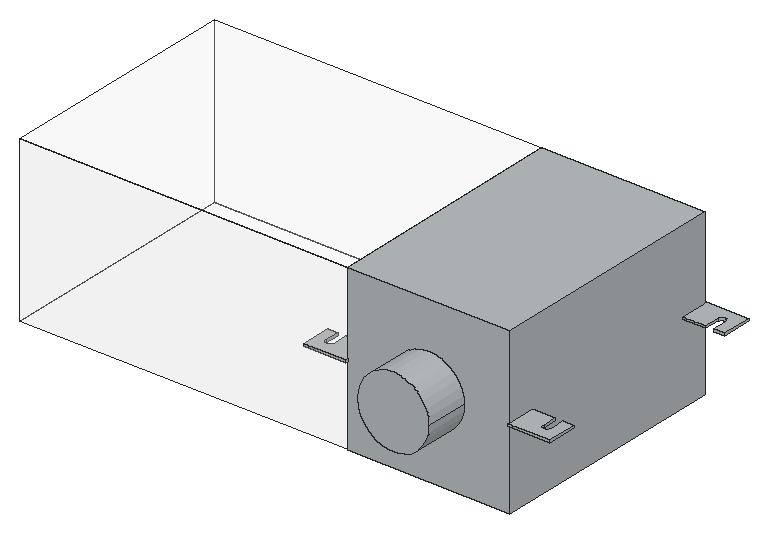
Revit family "bfs-20_60sldc2_60Hz", category 機械設備, Revit 2019
Family settings
  丸型コネクタ寸法 = 直径を使用
  パーツ タイプ = 割り込み
  OmniClass 番号 = 23.75.35.17.27
  OmniClass タイトル = Centrifugal Fans
  作業面ベース = いいえ
  常に垂直 = はい
  ロード時にボイドで切り取り = いいえ
  共有 = いいえ
  部屋計算ポイント = はい
Parameters (values of type "BFS-20SLDC2")
  騒音レベル(dB(A))_吸込 = 30.5
  騒音レベル(dB(A))_吐出 = 38
  騒音レベル(dB(A))_側面 = 22
  騒音レベル(dB(A)) = 38
  風量 [instance] = 設計風量  # 0.0 m³/h
  電源種別 [instance] = "一般"
  電圧 = 100 V
  電動機出力 = 15 W
  電動機_種別 [instance] = ""
  運転質量 = 0.00 kg
  連動 [instance] = ""
  質量 = if(製品質量 > 運転質量, 製品質量, 運転質量) * 1.2  # 7.20 kg
  負荷分類 = 3_ファン類
  説明 = "ストレートシロッコファン（２４時間換気機能付）"
  設計風量 [instance] = 0.0 m³/h
  設置方法 = "天吊"
  記号 [instance] = ""
  製造元 = "三菱電機株式会社"
  製品質量 = 6.00 kg
  製品出荷対象 = "国内"
  製品リリース年月 = "2022年6月1日"
  製品グループ = ""
  系統 [instance] = ""
  符号 [instance] = if(☑給気／□排気, "FS", "FE")  # "FE"
  積算_科目 = "2 換気設備"
  積算_拾い区分 [instance] = ""
  相 = 1
  盤記号 [instance] = ""
  盤工事区分 = "電気工事"
  発停方法 [instance] = "別売スイッチ"
  番手 = "#1"
  特殊仕様 [instance] = ""
  火災停止 = ""
  消費電力 = 17 W
  法定耐用年数 = "15"
  機外静圧 [instance] = 0.0 Pa
  極数 = 2
  極 = 8
  材質 [instance] = ""
  本体マテリアル = 溶融亜鉛めっき鋼板
  操作・制御方式 = ""
  操作・制御スイッチ = ""
  排気量 [instance] = if(☑給気／□排気, 0.0 m³/h, 設計風量)  # 0.0 m³/h
  形式 = ""
  形名 = BFS-SLDC : BFS-20SLDC
  幹線記号 [instance] = ""
  対象室 [instance] = ""
  実風量 = 0.0 m³/h
  始動方式 [instance] = "直入"
  外気量 [instance] = if(☑給気／□排気, 設計風量, 0.0 m³/h)  # 0.0 m³/h
  呼称 = "消音ボックス付送風機"
  周波数 = 60 Hz
  天吊金具ピッチ幅 = 299 mm
  天吊金具ピッチ奥行 = 300 mm
  参照している仕様書等のバージョン = ""
  分類コード = "50052502100020"
  分類グループ = ""
  価格 = 81000
  企業コード = "108420"
  付属品_防振装置 = ""
  付属品 [instance] = ""
  仕様書バージョン = "Version1.0"
  モデル = "BFS-20SLDC2"
  ファンの種類 = "多翼形"
  ダクト径 = 100 mm
  サービススペース = yes
  コメント [instance] = ""
  Keynote = ""
  ☑給気／□排気 [instance] = no
  Width = 223 mm
  Version = ""
  Uniclass2015Version = "Systems v1.9"
  Uniclass2015Title = "Centrifugal fans"
  Uniclass2015Code = "Pr_65_67_29_12"
  URL = "https://www.mitsubishielectric.co.jp/ldg/wink/ssl/displayProduct.do?pid=319033"
  SpecificationReference = ""
  SpecificationDescription = ""
  Revision = ""
  ProductInformation = ""
  OmniClassCode = "23-33 31 19 13 15"
  MIN風量 = 100.0 m³/h
  MIN静圧 = 12.5 Pa
  MID風量 = 0.0 m³/h
  MID静圧 = 0.0 Pa
  MAX風量 = 200.0 m³/h
  MAX静圧 = 50.0 Pa
  M = 60 mm
  IfcTypeProduct = ""
  IfcProduct = ""
  IfcExportType = "CENTRIFUGALFORWARDCURVED"
  IfcExportAs = "IfcFanType"
  Height = 225 mm
  Depth = 335 mm
  Clearance Top = 0 mm  # constant formula
  Clearance Right = 0 mm  # constant formula
  Clearance Left = 450 mm  # constant formula
  Clearance Front = 0 mm  # constant formula
  Clearance Bottom = 0 mm  # constant formula
  Clearance Back = 0 mm  # constant formula
  Author = "三菱電機株式会社"
Types (3, lengths in mm): name | 騒音レベル(dB(A))_吸込 | 騒音レベル(dB(A))_吐出 | 騒音レベル(dB(A))_側面 | 騒音レベル(dB(A)) | 電動機出力 | 質量 | 製品質量 | 番手 | 消費電力 | 極 | 形名 | 天吊金具ピッチ幅 | 天吊金具ピッチ奥行 | 価格 | モデル | ダクト径 | Width | URL | MIN風量 | MIN静圧 | MAX風量 | MAX静圧 | M | Height | Depth
  BFS-20SLDC2 | 30.5 | 38 | 22 | 38 | 15 W | 7.20 kg | 6.00 kg | "#1" | 17 W | 8 | BFS-SLDC : BFS-20SLDC | 299 | 300 | 81000 | "BFS-20SLDC2" | 100 | 223 | "https://www.mitsubishielectric.co.jp/ldg/wink/ssl/displayProduct.do?pid=319033" | 100.0 m³/h | 12.5 Pa | 200.0 m³/h | 50.0 Pa | 60 | 225 | 335
  BFS-40SLDC2 | 34.5 | 44 | 24 | 44 | 35 W | 10.80 kg | 9.00 kg | "#1 1/4" | 38 W | 8 | BFS-SLDC : BFS-40SLDC | 381 | 353 | 115000 | "BFS-40SLDC2" | 150 | 305 | "https://www.mitsubishielectric.co.jp/ldg/wink/ssl/displayProduct.do?pid=319103" | 160.0 m³/h | 11.0 Pa | 400.0 m³/h | 69.0 Pa | 70 | 255 | 388
  BFS-60SLDC2 | 34 | 47 | 23 | 47 | 50 W | 15.60 kg | 13.00 kg | "#1 1/4" | 60 W | 10 | BFS-SLDC : BFS-60SLDC | 449 | 453 | 169000 | "BFS-60SLDC2" | 200 | 373 | "https://www.mitsubishielectric.co.jp/ldg/wink/ssl/displayProduct.do?pid=319119" | 240.0 m³/h | 19.0 Pa | 600.0 m³/h | 120.0 Pa | 85 | 305 | 488
Reference planes
  plane 1 "中心(正面/背面)": y = 0
  plane 2: z = 0
  plane 3 "中心(左/右)": x = 0
  plane 4 "左": x = -111.5
  plane 5 "右": x = 111.5
  plane 6 "背面": y = 167.5
  plane 7 "正面": y = -167.5
  plane 8: z = 112.5
  plane 9: y = 150
  plane 10: y = -150
  plane 11: x = 149.5
  plane 12: x = -149.5
  plane 13: z = -112.5
  plane 14: z = 112.5
  plane 15: z = -112.5
  plane 16: y = 167.5
  plane 17: y = -167.5
  plane 18: x = 111.5
  plane 19: x = -561.5
Lines and regions (mm)
  Masking region 1, detail levels coarse+medium
    outline origin (-237.472, -654.306, 0) x (1, 0, 0) y (0, 1, 0)
      loop
        line (125.972, 486.806) -> (348.972, 486.806) -> (348.972, 821.806) -> (125.972, 821.806) -> (125.972, 486.806)
  symbolic lines, detail levels coarse+medium
    curve 1: line (-111.5, 167.5, 0) -> (111.5, 0, 0)
    curve 2: line (111.5, 0, 0) -> (-111.5, -167.5, 0)
Dimensions and locks
  "Width": plane 4 "左" to plane 5 "右"
  equal spacing: plane 7 "正面", plane 1 "中心(正面/背面)", plane 6 "背面"
  "Depth": plane 7 "正面" to plane 6 "背面"
  equal spacing: plane 8, level, plane 13
  "Height": plane 8 to plane 13
  "Clearance Top": plane 14 to plane 8
  "Clearance Bottom": plane 13 to plane 15
  "Clearance Back": plane 6 "背面" to plane 16
  "Clearance Front": plane 17 to plane 7 "正面"
  "Clearance Left": plane 19 to plane 4 "左"
  "Clearance Right": plane 5 "右" to plane 18
  equal spacing: plane 12, plane 3 "中心(左/右)", plane 11
  "天吊金具ピッチ幅": plane 12 to plane 11
  equal spacing: plane 4 "左", plane 3 "中心(左/右)", plane 5 "右"
  equal spacing: plane 10, plane 1 "中心(正面/背面)", plane 9
  "天吊金具ピッチ奥行": plane 10 to plane 9
  aligned and locked: level to plane 2
  aligned and locked: nested 2 to plane 9
  aligned and locked: plane 10 to nested 2
  aligned and locked: plane 12 to nested 2
  aligned and locked: plane 11 to nested 2
  aligned and locked: plane 8 to nested 1
  aligned and locked: nested 1 to plane 13
  aligned and locked: plane 19 to nested 3
  aligned and locked: plane 17 to nested 3
  aligned and locked: plane 14 to nested 3
  aligned and locked: plane 15 to nested 3
  aligned and locked: plane 1 "中心(正面/背面)" to nested 1
  aligned and locked: nested 1 to plane 3 "中心(左/右)"
  aligned and locked: plane 16 to nested 3
  aligned and locked: plane 4 "左" to nested 3
  aligned and locked: plane 5 "右" to Masking region 1
  aligned and locked: Masking region 1 to plane 4 "左"
  aligned and locked: Masking region 1 to plane 6 "背面"
  aligned and locked: plane 7 "正面" to Masking region 1
Automatic sketch dimensions
  plane 12 to Masking region 1 sketch curve = 38 mm
  Masking region 1 sketch curve to plane 11 = 38 mm
  plane 7 "正面" to Masking region 1 sketch curve = 0 mm
  Masking region 1 sketch curve to plane 9 = 17.5 mm
  curve 2 to plane 4 "左" = 0 mm
  curve 1 to plane 4 "左" = 0 mm
  plane 1 "中心(正面/背面)" to curve 2 = 0 mm
  curve 2 to plane 5 "右" = 0 mm
  plane 7 "正面" to curve 2 = 0 mm
  plane 6 "背面" to curve 1 = 0 mm
Nested families
  nested 1: "BFS-SLDC" at (0, 0, -112.5) x (0, -1, 0) z (0, 0, 1), type <- "形名", type "BFS-20SLDC"
  nested 2: "固定点" at (-149.5, -150, 0), type "固定点"
    with W 299 mm, D 300 mm
  nested 3: "サービススペース" at (-336.5, 0, 0), visible <- "サービススペース", type "サービススペース"
    with Width 450 mm, Height 225 mm, Depth 335 mm
Connectors
  hvac at (0, -227.5, 0), driven by "ダクト径", driven by "機外静圧", driven by "風量"
    settings: on nested 1, index 2, duct flow 0.0 m³/h, flow factor 0, pres drop 0.0 Pa, loss coef 0, conn angle 0.00°, conn width 304.8 mm, conn height 304.8 mm, conn diameter 100 mm, duct sys type 29, conn prof type 0, flow config 0, flow direction 2, loss method 4, conn ref index -1, conn util no, is conn primary yes, conn desc "Out"
  hvac at (0, 227.5, 0), driven by "ダクト径", driven by "機外静圧", driven by "風量"
    settings: on nested 1, index 3, duct flow 0.0 m³/h, flow factor 0, pres drop 0.0 Pa, loss coef 0, conn angle 0.00°, conn width 304.8 mm, conn height 304.8 mm, conn diameter 100 mm, duct sys type 29, conn prof type 0, flow config 0, flow direction 1, loss method 4, conn ref index -1, conn util no, is conn primary no, conn desc "In"
  electrical at (-132.1, -48.05, -20.1), driven by "極数", driven by "負荷分類", driven by "電圧", driven by "消費電力"
    settings: on nested 1, index 4, voltage 100 V, apparent load 17 VA, apparent load phase1 0 VA, apparent load phase2 0 VA, apparent load phase3 0 VA, power factor 1, load classification "3_ファン類", number of poles 2, system type 30, power factor state 1, is connector primary yes, connector utility no, sub classification motor no, connector description ""
Definition of nested family "BFS-SLDC"
  Parameters (values of type "BFS-20SLDC")
    端子カバー高 = 99 mm  # constant formula
    端子カバー手前位置 = 53.7 mm
    端子カバー幅 = 20.6 mm  # constant formula
    端子カバー奥行 = 131.5 mm  # constant formula
    端子カバー上位置 = 83.1 mm
    天吊金具ピッチ幅 = 300 mm
    天吊金具ピッチ奥行 = 299 mm
    マテリアル = none
    φ = 98 mm
    b = 234 mm
    a = 60 mm
    W = 335 mm
    H = 225 mm
    D = 223 mm
  Types (3, lengths in mm): name | 端子カバー手前位置 | 端子カバー上位置 | 天吊金具ピッチ幅 | 天吊金具ピッチ奥行 | φ | b | a | W | H | D
    BFS-20SLDC | 53.7 | 83.1 | 300 | 299 | 98 | 234 | 60 | 335 | 225 | 223
    BFS-60SLDC | 63.9 | 139.9 | 453 | 449 | 192 | 391 | 85 | 488 | 305 | 373
    BFS-40SLDC | 62.3 | 106.7 | 353 | 381 | 142 | 291 | 70 | 388 | 255 | 305
  Reference planes
    plane 1 "中心(正面/背面)": y = 0
    plane 2: z = 0
    plane 3 "中心(左/右)": x = 0
    plane 4: y = 111.5
    plane 5: y = 149.5
    plane 6: y = 169.5
    plane 7: y = -111.5
    plane 8: y = -149.5
    plane 9: y = -169.5
    plane 10: x = -167.5
    plane 11: x = -150
    plane 12: x = -170.5
    plane 13: x = 167.5
    plane 14: x = 150
    plane 15: x = 170.5
    plane 16: z = 225
    plane 17: z = 600
    plane 18: z = 900
    plane 19: z = 1200
    plane 20: x = -120.2
    plane 21: x = 113.8
    plane 22: x = 227.5
    plane 23: x = -227.5
    plane 24: z = 112.5
    plane 25: z = 109.5
    plane 26: z = 71.5
    plane 27: x = -129.5
    plane 28: z = 94.5
    plane 29: x = 129.5
    plane 30: y = 114.5
    plane 31: x = -17.7
    plane 32: z = 141.9
    plane 33: z = 42.9
    plane 34: y = -132.1
  Forms (mm)
    Extrusion 1, solid, material <- "マテリアル", detail levels fine
      sketch origin (0, 0, 0) x (1, 0, 0) y (0, 1, 0)
        loop
          line (-167.5, 111.5) -> (-167.5, -111.5) -> (167.5, -111.5) -> (167.5, 111.5) -> (-167.5, 111.5)
      from 0 to 225
    Extrusion 2, solid, material <- "マテリアル", detail levels fine
      sketch origin (0, 0, 0) x (1, 0, 0) y (0, 1, 0)
        loop
          line (-170.5, -111.5) -> (-170.5, -169.5) -> (-129.5, -169.5) -> (-129.5, -155) -> (-150, -155)
          arc (-150, -155) -> (-155.5, -149.5) -> (-150, -144) r 5.5
          line (-150, -144) -> (-129.5, -144) -> (-129.5, -111.5) -> (-170.5, -111.5)
      from 109.5 to 112.5
    Extrusion 3, solid, material <- "マテリアル", detail levels fine
      sketch origin (0, 0, 0) x (1, 0, 0) y (0, 1, 0)
        loop
          line (-170.5, 111.5) -> (-129.5, 111.5) -> (-129.5, 144) -> (-150, 144)
          arc (-150, 144) -> (-155.5, 149.5) -> (-150, 155) r 5.5
          line (-150, 155) -> (-129.5, 155) -> (-129.5, 169.5) -> (-170.5, 169.5) -> (-170.5, 111.5)
      from 109.5 to 112.5
    Extrusion 4, solid, material <- "マテリアル", detail levels fine
      sketch origin (0, 0, 0) x (-1, 0, 0) y (0, -1, 0)
        loop
          line (-170.5, -111.5) -> (-170.5, -169.5) -> (-129.5, -169.5) -> (-129.5, -155) -> (-150, -155)
          arc (-150, -155) -> (-155.5, -149.5) -> (-150, -144) r 5.5
          line (-150, -144) -> (-129.5, -144) -> (-129.5, -111.5) -> (-170.5, -111.5)
      from 109.5 to 112.5
    Extrusion 5, solid, material <- "マテリアル", detail levels fine
      sketch origin (0, 0, 0) x (-1, 0, 0) y (0, -1, 0)
        loop
          line (-170.5, 111.5) -> (-129.5, 111.5) -> (-129.5, 144) -> (-150, 144)
          arc (-150, 144) -> (-155.5, 149.5) -> (-150, 155) r 5.5
          line (-150, 155) -> (-129.5, 155) -> (-129.5, 169.5) -> (-170.5, 169.5) -> (-170.5, 111.5)
      from 109.5 to 112.5
    Extrusion 6, solid, material <- "マテリアル", detail levels fine
      sketch origin (0, 0, 0) x (0, 1, 0) y (0, 0, 1)
        loop
          circle (0, 112.5) r 49
      from -167.5 to -227.5
    Extrusion 7, solid, material <- "マテリアル", detail levels fine
      sketch origin (0, 0, 0) x (0, 1, 0) y (0, 0, -1)
        loop
          circle (0, -112.5) r 49
      from -167.5 to -227.5
    Extrusion 8, solid, material <- "マテリアル", detail levels fine
      sketch origin (0, 0, 0) x (1, 0, 0) y (0, 0, 1)
        loop
          line (113.8, 141.9) -> (-17.7, 141.9) -> (-17.7, 42.9) -> (113.8, 42.9) -> (113.8, 141.9)
      from 111.5 to 132.1
  Dimensions and locks
    plane 12 to plane 15 = 341 mm
    "天吊金具ピッチ幅": plane 11 to plane 14
    "W": plane 10 to plane 13
    plane 9 to plane 6 = 339 mm
    "天吊金具ピッチ奥行": plane 8 to plane 5
    "D": plane 7 to plane 4
    equal spacing: plane 7, plane 1 "中心(正面/背面)", plane 4
    equal spacing: plane 10, plane 3 "中心(左/右)", plane 13
    "H": plane 16 to level
    locked: plane 5 to plane 6 at 20
    locked: plane 9 to plane 8 at 20
    locked: plane 13 to plane 15 at 3
    locked: plane 12 to plane 10 at 3
    equal spacing: plane 16, plane 24, level
    locked: plane 24 to plane 25 at 3
    locked: plane 24 to plane 26 at 41
    locked: plane 12 to plane 27 at 41
    locked: plane 25 to plane 28 at 15
    locked: plane 29 to plane 15 at 41
    locked: plane 30 to plane 4 at 3
    "a": plane 23 to plane 10
    "a": plane 13 to plane 22
    "端子カバー手前位置": plane 13 to plane 21
    "b": plane 21 to plane 20
    "端子カバー奥行": plane 21 to plane 31
    "端子カバー高": plane 32 to plane 33
    "端子カバー幅": plane 34 to plane 7
    equal spacing: plane 8, plane 1 "中心(正面/背面)", plane 5
    equal spacing: plane 11, plane 3 "中心(左/右)", plane 14
    "端子カバー上位置": plane 16 to plane 32
    "φ": diameter of Extrusion 6 sketch curve
    "φ": diameter of Extrusion 7 sketch curve
    aligned and locked: level to plane 2
    aligned and locked: plane 4 to Extrusion 1 sketch curve
    aligned and locked: plane 10 to Extrusion 1 sketch curve
    aligned and locked: Extrusion 1 sketch curve to plane 7
    aligned and locked: Extrusion 1 sketch curve to plane 13
    aligned and locked: plane 16 to Extrusion 1
    aligned and locked: plane 7 to Extrusion 2 sketch curve
    aligned and locked: plane 12 to Extrusion 2 sketch curve
    aligned and locked: Extrusion 2 sketch curve to plane 9
    aligned and locked: Extrusion 2 sketch curve to plane 27  (x2)
    aligned and locked: plane 11 to Extrusion 2 sketch curve
    aligned and locked: plane 8 to Extrusion 2 sketch curve
    aligned and locked: plane 24 to Extrusion 2
    aligned and locked: Extrusion 2 to plane 25
    aligned and locked: plane 27 to Extrusion 3 sketch curve  (x2)
    aligned and locked: plane 5 to Extrusion 3 sketch curve
    aligned and locked: plane 11 to Extrusion 3 sketch curve
    aligned and locked: Extrusion 3 sketch curve to plane 6
    aligned and locked: Extrusion 3 sketch curve to plane 12
    aligned and locked: plane 4 to Extrusion 3 sketch curve
    aligned and locked: plane 24 to Extrusion 3
    aligned and locked: Extrusion 3 to plane 25
    aligned and locked: Extrusion 4 to plane 6
    aligned and locked: plane 15 to Extrusion 4
    aligned and locked: Extrusion 4 to plane 29
    aligned and locked: plane 29 to Extrusion 4 sketch curve  (x2)
    aligned and locked: plane 6 to Extrusion 4 sketch curve
    aligned and locked: Extrusion 4 sketch curve to plane 15
    aligned and locked: plane 5 to Extrusion 4 sketch curve
    aligned and locked: plane 14 to Extrusion 4 sketch curve
    aligned and locked: Extrusion 4 sketch curve to plane 4
    aligned and locked: Extrusion 4 to plane 25
    aligned and locked: plane 24 to Extrusion 4
    aligned and locked: plane 9 to Extrusion 5 sketch curve
    aligned and locked: plane 15 to Extrusion 5 sketch curve
    aligned and locked: Extrusion 5 sketch curve to plane 7
    aligned and locked: Extrusion 5 sketch curve to plane 29  (x2)
    aligned and locked: plane 14 to Extrusion 5 sketch curve
    aligned and locked: plane 8 to Extrusion 5 sketch curve
    aligned and locked: Extrusion 5 to plane 25
    aligned and locked: plane 24 to Extrusion 5
    aligned and locked: plane 1 "中心(正面/背面)" to Extrusion 6 sketch curve
    aligned and locked: plane 24 to Extrusion 6 sketch curve
    aligned and locked: plane 24 to Extrusion 7 sketch curve
    aligned and locked: plane 1 "中心(正面/背面)" to Extrusion 7 sketch curve
    aligned and locked: plane 22 to Extrusion 7
    aligned and locked: plane 32 to Extrusion 8 sketch curve
    aligned and locked: plane 21 to Extrusion 8 sketch curve
    aligned and locked: Extrusion 8 sketch curve to plane 33
    aligned and locked: Extrusion 8 sketch curve to plane 31
    aligned and locked: Extrusion 8 to plane 7
    aligned and locked: Extrusion 7 to plane 13
    aligned and locked: plane 34 to Extrusion 8
    aligned and locked: plane 23 to Extrusion 6
    aligned and locked: plane 10 to Extrusion 6
  Automatic sketch dimensions
    Extrusion 2 sketch curve to plane 11 = 0 mm
    plane 8 to Extrusion 2 sketch curve = 5.5 mm
    Extrusion 3 sketch curve to plane 11 = 0 mm
    plane 5 to Extrusion 3 sketch curve = 5.5 mm
    Extrusion 4 sketch curve to plane 14 = 0 mm
    Extrusion 4 sketch curve to plane 5 = 5.5 mm
    Extrusion 5 sketch curve to plane 14 = 0 mm
    Extrusion 5 sketch curve to plane 8 = 5.5 mm
Definition of nested family "サービススペース"
  Parameters (values of type "サービススペース")
    Width [instance] = 500 mm
    Height [instance] = 500 mm
    Depth [instance] = 500 mm
  Reference planes
    plane 1 "中心(正面/背面)": y = 0
    plane 2: z = 0
    plane 3 "中心(左/右)": x = 0
    plane 4: y = -250
    plane 5: x = 250
    plane 6: y = 250
    plane 7: x = -250
    plane 8: z = 250
    plane 9: z = -250
  Forms (mm)
    Extrusion 1, solid
      sketch origin (-638.939, 0, 72.39) x (1, 0, 0) y (0, 1, 0)
        loop
          line (388.939, 250) -> (388.939, -250) -> (888.939, -250) -> (888.939, 250) -> (388.939, 250)
      from -322.39 to 177.61
  Lines and regions (mm)
    symbolic lines
      curve 1: line (-250, 0, 250) -> (250, 0, 250)
      curve 2: line (-250, 0, -250) -> (-250, 0, 250)
      curve 3: line (250, 0, -250) -> (-250, 0, -250)
      curve 4: line (250, 0, 250) -> (250, 0, -250)
      curve 5: line (0, -250, 250) -> (0, 250, 250)
      curve 6: line (0, -250, -250) -> (0, -250, 250)
      curve 7: line (0, 250, -250) -> (0, -250, -250)
      curve 8: line (0, 250, 250) -> (0, 250, -250)
      curve 9: line (-250, 250, 0) -> (250, 250, 0)
      curve 10: line (-250, -250, 0) -> (-250, 250, 0)
      curve 11: line (250, -250, 0) -> (-250, -250, 0)
      curve 12: line (250, 250, 0) -> (250, -250, 0)
  Dimensions and locks
    equal spacing: plane 7, plane 3 "中心(左/右)", plane 5
    equal spacing: plane 4, plane 1 "中心(正面/背面)", plane 6
    "Depth": plane 4 to plane 6
    "Width": plane 7 to plane 5
    equal spacing: plane 8, plane 2, plane 9
    "Height": plane 8 to plane 9
    aligned and locked: plane 9 to curve 3
    aligned and locked: plane 7 to curve 2
    aligned and locked: curve 4 to plane 5
    aligned and locked: plane 5 to Extrusion 1
    aligned and locked: Extrusion 1 to plane 7
    aligned and locked: Extrusion 1 to plane 9
    aligned and locked: plane 8 to Extrusion 1
    aligned and locked: plane 9 to curve 7
  Automatic sketch dimensions
    plane 4 to Extrusion 1 sketch curve = 0 mm
    Extrusion 1 sketch curve to plane 7 = 0 mm
    Extrusion 1 sketch curve to plane 5 = 0 mm
    plane 6 to Extrusion 1 sketch curve = 0 mm
    curve 2 to plane 8 = 0 mm
    plane 4 to curve 11 = 0 mm
    curve 11 to plane 7 = 0 mm
    curve 11 to plane 5 = 0 mm
    plane 6 to curve 10 = 0 mm
    curve 7 to plane 4 = 0 mm
    curve 7 to plane 6 = 0 mm
    curve 6 to plane 8 = 0 mm
Definition of nested family "固定点"
  Parameters (values of type "固定点")
    中心円 = 11 mm
    W [instance] = 1000 mm
    D [instance] = 1000 mm
  Reference planes
    plane 1 "中心(正面/背面)": y = 0
    plane 2: z = 0
    plane 3 "中心(左/右)": x = 0
    plane 4: x = 1000
    plane 5: y = 1000
  Lines and regions (mm)
    symbolic lines, detail levels fine
      curve 1: circle (0, 1000, 0) r 5.5 normal (0, 0, 1)
      curve 2: circle (0, 0, 0) r 5.5 normal (0, 0, 1)
      curve 3: circle (1000, 1000, 0) r 5.5 normal (0, 0, 1)
      curve 4: circle (1000, 0, 0) r 5.5 normal (0, 0, 1)
      curve 5: line (-200, 1000, 0) -> (1200, 1000, 0)
      curve 6: line (-200, 0, 0) -> (1200, 0, 0)
      curve 7: line (0, 1200, 0) -> (0, -200, 0)
      curve 8: line (1000, 1200, 0) -> (1000, -200, 0)
  Dimensions and locks
    "W": plane 3 "中心(左/右)" to plane 4
    "D": plane 1 "中心(正面/背面)" to plane 5
    "中心円": diameter of curve 1
    "中心円": diameter of curve 2
    "中心円": diameter of curve 3
    "中心円": diameter of curve 4
    aligned and locked: level to plane 2
    aligned and locked: plane 5 to curve 1
    aligned and locked: plane 3 "中心(左/右)" to curve 1
    aligned and locked: plane 3 "中心(左/右)" to curve 2
    aligned and locked: plane 1 "中心(正面/背面)" to curve 2
    aligned and locked: plane 4 to curve 3
    aligned and locked: plane 5 to curve 3
    aligned and locked: plane 1 "中心(正面/背面)" to curve 4
    aligned and locked: plane 4 to curve 4
    aligned and locked: plane 1 "中心(正面/背面)" to curve 6
    aligned and locked: curve 7 to plane 3 "中心(左/右)"
    aligned and locked: curve 8 to plane 4
  Automatic sketch dimensions
    curve 5 to plane 5 = 0 mm
    curve 6 to plane 3 "中心(左/右)" = 200 mm
    curve 5 to plane 3 "中心(左/右)" = 200 mm
    curve 4 to curve 6 = 200 mm
    curve 3 to curve 5 = 200 mm
    plane 1 "中心(正面/背面)" to curve 8 = 200 mm
    plane 1 "中心(正面/背面)" to curve 7 = 200 mm
    curve 3 to curve 8 = 200 mm
    curve 1 to curve 7 = 200 mm
